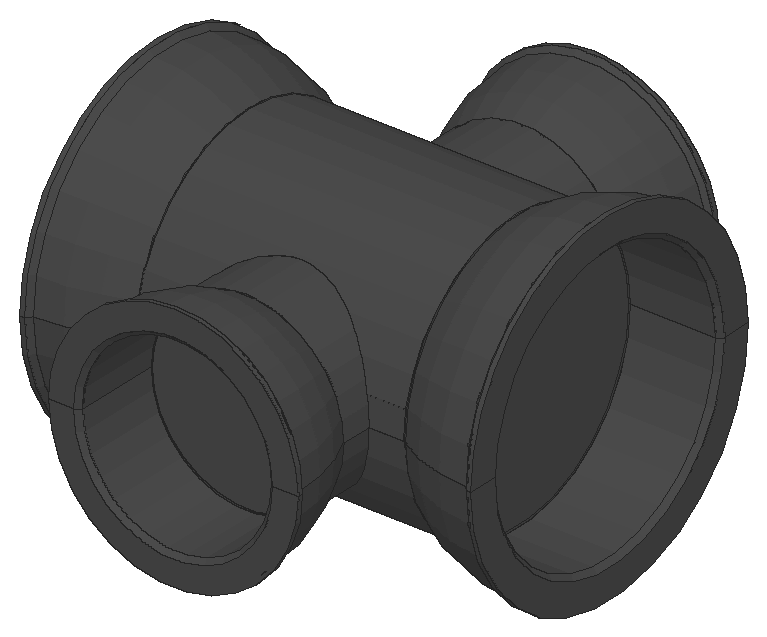
Revit family "Duc_JGS_Cruzetas", category Pipe Fittings, Revit 2025
Family settings
  Round Connector Dimension = Use Diameter
  Part Type = Cross
  Work Plane-Based = No
  Always vertical = No
  Cut with Voids When Loaded = No
  Shared = Yes
Parameters
  Tabela [instance] = "Duc_JGS_Cruzetas"
  Nominal Radius2 [instance] = Nominal Diameter2 / 2  # 100.0 mm
  Nominal Radius [instance] = Nominal Diameter / 2  # 150.0 mm
  Nominal Diameter2 [instance] = 200.0 mm
  Nominal Diameter [instance] = 300.0 mm
  Material_Conexao = FOFO
  Manufacturer = "SGC"
  Loss Method = Not Defined
  K Coefficient Table = "Tee"
  EK7 [instance] = size_lookup(Tabela, "EK7", 5.2 mm, Nominal Diameter)  # 5.7 mm
  Description = "Cruzeta com Bolsas"
  Default Elevation = 0.0 mm
  Corpo_R2 [instance] = (size_lookup(Tabela, "Bolsa_DE2", 98.0 mm, Nominal Diameter, Nominal Diameter2) / 2) + EK7  # 116.7 mm
  Corpo_R1 [instance] = (size_lookup(Tabela, "Bolsa_DE", 98.0 mm, Nominal Diameter, Nominal Diameter2) / 2) + EK7  # 168.7 mm
  Corpo_L [instance] = size_lookup(Tabela, "Corpo_L", 170.0 mm, Nominal Diameter, Nominal Diameter2)  # 320.0 mm
  Corpo_H [instance] = size_lookup(Tabela, "Corpo_H", 85.0 mm, Nominal Diameter, Nominal Diameter2)  # 205.0 mm
  Angle [instance] = 0.00°
Reference planes
  plane 1 "Center (Front/Back)": y = 0
  plane 2: z = 0
  plane 3 "Center (Left/Right)": x = 468.25
  plane 4 "EE": x = 308.25
  plane 5 "ED": x = 628.25
  plane 6 "ES": y = 205
  plane 7 "JJ": y = -205
Forms (mm)
  Sweep 1, solid, material "FOFO" <- "Material_Conexao"
    path origin (0, 0, 0) x (1, 0, 0) y (0, 1, 0)
      loop
        line (308.25, 0) -> (628.25, 0)
    profile origin (468.25, 0, 0) x (0, 1, 0) y (0, 0, 1)
      loop
        circle (0, 0) r 168.7
  Sweep 2, solid, material "FOFO" <- "Material_Conexao"
    path origin (0, 0, 0) x (1, 0, 0) y (0, 1, 0)
      loop
        line (468.25, 205) -> (468.25, -205)
    profile origin (468.25, 0, 0) x (1, 0, 0) y (0, 0, 1)
      loop
        circle (0, 0) r 116.7
  Sweep 3, solid, material "FOFO" <- "Material_Conexao"
    path origin (0, 0, 0) x (1, 0, 0) y (0, -1, 0)
      loop
        line (308.25, 0) -> (628.25, 0)
    profile origin (468.25, 0, 0) x (0, 1, 0) y (0, 0, 1)
      loop
        circle (0, 0) r 168.7
Cuts and joins
  joined: Sweep 1, Sweep 2
Dimensions and locks
  "Corpo_H": plane 1 "Center (Front/Back)" to plane 6 "ES"
  "Corpo_L": plane 4 "EE" to plane 5 "ED"
  equal spacing: plane 4 "EE", plane 3 "Center (Left/Right)", plane 5 "ED"
  "Corpo_H": plane 7 "JJ" to plane 1 "Center (Front/Back)"
  "Corpo_R1": radius of Sweep 1 sketch curve
  "Corpo_R2": radius of Sweep 2 sketch curve
  "Corpo_R1": radius of Sweep 3 sketch curve
  aligned and locked: Sweep 1 sketch curve to plane 1 "Center (Front/Back)"
  aligned and locked: plane 5 "ED" to Sweep 1 sketch curve
  aligned and locked: plane 4 "EE" to Sweep 1 sketch curve
  aligned and locked: plane 6 "ES" to Sweep 2 sketch curve
  aligned and locked: Sweep 2 sketch curve to plane 3 "Center (Left/Right)"
  aligned and locked: nested 3 to plane 6 "ES"
  aligned and locked: nested 1 to plane 5 "ED"
  aligned and locked: nested 2 to plane 4 "EE"
  aligned and locked: nested 4 to plane 7 "JJ"
Automatic sketch dimensions
  plane 1 "Center (Front/Back)" to Sweep 3 sketch curve = 0.0 mm
  Sweep 3 sketch curve to plane 4 "EE" = 0.0 mm
  Sweep 3 sketch curve to plane 5 "ED" = 0.0 mm
  plane 7 "JJ" to Sweep 2 sketch curve = 0.0 mm
  Sweep 1 sketch curve to level = 0.0 mm
  Sweep 1 sketch curve to profile plane = 0.0 mm
  Sweep 2 sketch curve to level = 0.0 mm
  profile plane to Sweep 2 sketch curve = 0.0 mm
  Sweep 3 sketch curve to level = 0.0 mm
  Sweep 3 sketch curve to profile plane = 0.0 mm
Nested families
  nested 1: "Duc_JGS_Bolsas" at (-1990, 0, 0), Nominal Radius <- "Nominal Radius", Nominal Diameter <- "Nominal Diameter", type "Duc_JGS_Bolsas"
    with Tabela "Duc_JGS_Bolsas", Nominal Radius 150.0 mm, Nominal Diameter 300.0 mm, EK7 5.7 mm, Borde2 11.4 mm, Borde1 5.7 mm, Bolsa_P 107.5 mm, Bolsa_DI 164.5 mm, Bolsa_DE1 168.7 mm, Bolsa_DE 163.0 mm, Bolsa_B 205.0 mm
  nested 2: "Duc_JGS_Bolsas" at (2926.5, 0, 0) x (-1, 0, 0) z (0, 0, 1), Nominal Radius <- "Nominal Radius", Nominal Diameter <- "Nominal Diameter", type "Duc_JGS_Bolsas"
    with Tabela "Duc_JGS_Bolsas", Nominal Radius 150.0 mm, Nominal Diameter 300.0 mm, EK7 5.7 mm, Borde2 11.4 mm, Borde1 5.7 mm, Bolsa_P 107.5 mm, Bolsa_DI 164.5 mm, Bolsa_DE1 168.7 mm, Bolsa_DE 163.0 mm, Bolsa_B 205.0 mm
  nested 3: "Duc_JGS_Bolsas" at (468.25, -2413.25, 0) x (0, 1, 0) z (0, 0, 1), Nominal Diameter <- "Nominal Diameter2", Nominal Radius <- "Nominal Radius2", type "Duc_JGS_Bolsas"
    with Tabela "Duc_JGS_Bolsas", Nominal Radius 100.0 mm, Nominal Diameter 200.0 mm, EK7 5.4 mm, Borde2 10.8 mm, Borde1 5.4 mm, Bolsa_P 106.5 mm, Bolsa_DI 112.5 mm, Bolsa_DE1 116.4 mm, Bolsa_DE 111.0 mm, Bolsa_B 148.0 mm
  nested 4: "Duc_JGS_Bolsas" at (468.25, 2413.25, 0) x (0, -1, 0) z (0, 0, 1), Nominal Diameter <- "Nominal Diameter2", Nominal Radius <- "Nominal Radius2", type "Duc_JGS_Bolsas"
    with Tabela "Duc_JGS_Bolsas", Nominal Radius 100.0 mm, Nominal Diameter 200.0 mm, EK7 5.4 mm, Borde2 10.8 mm, Borde1 5.4 mm, Bolsa_P 106.5 mm, Bolsa_DI 112.5 mm, Bolsa_DE1 116.4 mm, Bolsa_DE 111.0 mm, Bolsa_B 148.0 mm
Connectors
  piping at (628.25, 0, 0), diameter 300, driven by "Nominal Diameter", driven by "Angle"
    settings: on cut or joined group of Sweep 1, Sweep 2, index 1, connector inside diameter 609.6 mm, connector length 0.0 mm, flow factor 0, pipe flow 0 L/s, pressure drop 0.00 psi, fitting loss kfactor 0, connector angle 0.00°, fixture units 0, engagement length 0.0 mm, angle of deflection 0.00°, flow configuration 0, flow direction 0, fitting loss method 0, system type 28, joint type 0, gender type 0, connector reference index -1, connector utility 0, adjustable connector no, is connector primary yes, connector description ""
  piping at (308.25, 0, 0), diameter 300, driven by "Nominal Diameter", driven by "Angle"
    settings: on cut or joined group of Sweep 1, Sweep 2, index 2, connector inside diameter 609.6 mm, connector length 0.0 mm, flow factor 0, pipe flow 0 L/s, pressure drop 0.00 psi, fitting loss kfactor 0, connector angle 0.00°, fixture units 0, engagement length 0.0 mm, angle of deflection 0.00°, flow configuration 0, flow direction 0, fitting loss method 0, system type 28, joint type 0, gender type 0, connector reference index -1, connector utility 0, adjustable connector no, is connector primary no, connector description ""
  piping at (468.25, 205, 0), diameter 200, driven by "Angle", driven by "Nominal Diameter2"
    settings: on cut or joined group of Sweep 1, Sweep 2, index 3, connector inside diameter 609.6 mm, connector length 0.0 mm, flow factor 0, pipe flow 0 L/s, pressure drop 0.00 psi, fitting loss kfactor 0, connector angle 0.00°, fixture units 0, engagement length 0.0 mm, angle of deflection 0.00°, flow configuration 0, flow direction 0, fitting loss method 0, system type 28, joint type 0, gender type 0, connector reference index -1, connector utility 0, adjustable connector no, is connector primary no, connector description ""
  piping at (468.25, 205, 0), diameter 200, driven by "Angle", driven by "Nominal Diameter2"
    settings: on cut or joined group of Sweep 1, Sweep 2, index 4, connector inside diameter 609.6 mm, connector length 0.0 mm, flow factor 0, pipe flow 0 L/s, pressure drop 0.00 psi, fitting loss kfactor 0, connector angle 0.00°, fixture units 0, engagement length 0.0 mm, angle of deflection 0.00°, flow configuration 0, flow direction 0, fitting loss method 0, system type 28, joint type 0, gender type 0, connector reference index -1, connector utility 0, adjustable connector no, is connector primary no, connector description ""
  piping at (468.25, -205, 0), diameter 200, driven by "Nominal Diameter2", driven by "Angle"
    settings: on cut or joined group of Sweep 1, Sweep 2, index 5, connector inside diameter 609.6 mm, connector length 0.0 mm, flow factor 0, pipe flow 0 L/s, pressure drop 0.00 psi, fitting loss kfactor 0, connector angle 0.00°, fixture units 0, engagement length 0.0 mm, angle of deflection 0.00°, flow configuration 0, flow direction 0, fitting loss method 0, system type 28, joint type 0, gender type 0, connector reference index -1, connector utility 0, adjustable connector no, is connector primary no, connector description ""
Definition of nested family "Duc_JGS_Bolsas"
  Parameters (values of type "Duc_JGS_Bolsas")
    Tabela [instance] = "Duc_JGS_Bolsas"
    Nominal Radius [instance] = Nominal Diameter / 2  # 40.0 mm
    Nominal Diameter [instance] = 80.0 mm
    Manufacturer = "SGC"
    Loss Method = 1
    K Coefficient Table = "Tee"
    EK7 [instance] = size_lookup(Tabela, "EK7", 5.2 mm, Nominal Diameter)  # 5.2 mm
    Description = "Bolsas JGS - JTI - JTE"
    Material_Conexao = none
    Default Elevation = 0.0 mm
    Borde2 [instance] = EK7 * 2  # 10.4 mm
    Borde1 [instance] = EK7  # 5.2 mm
    Bolsa_DE1 [instance] = Bolsa_DE + EK7  # 54.2 mm
    Bolsa_P [instance] = size_lookup(Tabela, "Bolsa_P", 94.5 mm, Nominal Diameter)  # 92.5 mm
    Bolsa_DI [instance] = size_lookup(Tabela, "Bolsa_DI", 60.5 mm, Nominal Diameter) / 2  # 50.5 mm
    Bolsa_DE [instance] = size_lookup(Tabela, "Bolsa_DE", 59.0 mm, Nominal Diameter) / 2  # 49.0 mm
    Bolsa_B [instance] = size_lookup(Tabela, "Bolsa_B", 118.0 mm, Nominal Diameter) / 2  # 84.0 mm
  Reference planes
    plane 1 "Center (Front/Back)": y = 0
    plane 2: z = 0
    plane 3 "Center (Left/Right)": x = 2618.25
    plane 4: x = 2710.75
    plane 5: y = 84
    plane 6: y = 50.5
    plane 7: y = 49
    plane 8: y = 54.2
  Forms (mm)
    Revolve 1, solid, material <- "Material_Conexao"
      sketch origin (0, 0, 0) x (1, 0, 0) y (0, 1, 0)
        loop
          line (2618.25, 50.5) -> (2705.55, 50.5) -> (2710.75, 55.7) -> (2710.75, 84) -> (2705.55, 84) -> (2700.35, 78.8)
          arc (2700.35, 78.8) -> (2657.555, 72.323) -> (2618.25, 54.2) r 154.08
          line (2618.25, 54.2) -> (2617.25, 54.2) -> (2617.25, 49) -> (2618.25, 49) -> (2618.25, 50.5)
        axis (2617.25, 0) -> (2710.75, 0)
      angle from 0 to 360
  Lines and regions (mm)
    model lines
      curve 1: line (2618.25, 0, 200.5) -> (2618.25, 0, -200.5)
      curve 3: line (2618.25, 0, 0) -> (2710.75, 0, 0)
    reference lines
      curve 2: line (2618.25, 0, 0) -> (2710.75, 0, 0)
  Dimensions and locks
    "Borde1": Revolve 1 sketch curve to Revolve 1 sketch curve  (x4)
    "Borde2": Revolve 1 sketch curve to Revolve 1 sketch curve
    "Borde1": Revolve 1 sketch curve to plane 8
    "Bolsa_B": plane 5 to plane 1 "Center (Front/Back)"
    "Bolsa_DI": plane 6 to plane 1 "Center (Front/Back)"
    "Bolsa_DE": plane 7 to plane 1 "Center (Front/Back)"
    "Bolsa_DE1": plane 8 to plane 1 "Center (Front/Back)"
    "Bolsa_P": plane 3 "Center (Left/Right)" to plane 4
    locked: Revolve 1 sketch curve to Revolve 1 sketch curve at 1
    aligned and locked: plane 5 to Revolve 1 sketch curve
    aligned and locked: Revolve 1 sketch curve to plane 6
    aligned and locked: Revolve 1 sketch curve to plane 3 "Center (Left/Right)"
    aligned and locked: plane 1 "Center (Front/Back)" to curve 2
    aligned and locked: curve 2 to plane 3 "Center (Left/Right)"
    aligned and locked: plane 4 to curve 2
    aligned and locked: curve 3 to curve 2
  Automatic sketch dimensions
    curve 1 to plane 1 "Center (Front/Back)" = 0.0 mm
    curve 1 to level = 200.5 mm
    level to curve 1 = 200.5 mm
    curve 3 to plane 3 "Center (Left/Right)" = 0.0 mm
    curve 3 to plane 4 = 0.0 mm
    Revolve 1 sketch curve to plane 1 "Center (Front/Back)" = 0.0 mm
    Revolve 1 sketch curve to plane 3 "Center (Left/Right)" = 0.0 mm  (x2)
    Revolve 1 sketch curve to plane 4 = 0.0 mm
    Revolve 1 sketch curve to plane 8 = 0.0 mm
    Revolve 1 sketch curve to plane 4 = 8.97 mm
    plane 4 to Revolve 1 sketch curve = 1.322 mm
